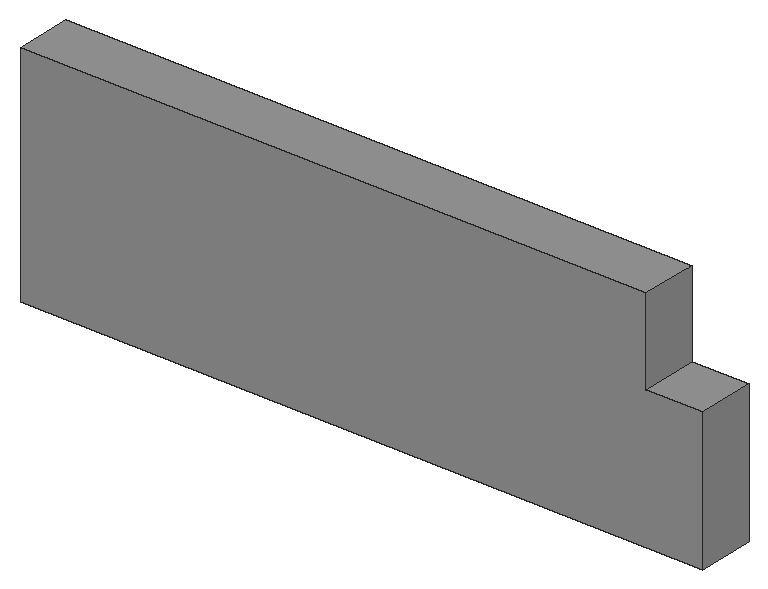
Revit family "1. Doré_PDroite_FRA", category Modelos genéricos, Revit 2017
Family settings
  Anfitrión = Muro
  Puede alojar armadura = No
  Cota de conector redondo = Diámetro de uso
  Tipo de pieza = Normal
  Siempre vertical = Sí
  Corte con vacíos al cargar = No
  Compartido = No
  Punto de cálculo de habitación = No
Parameters (values of type "Stonepanel® Doré 20 cm - 60 cm")
  Uniclass 2015 = "Pr_25_71_14_56 Natural stone panels"
  Uniclass 2 = "Pr_25_71_14_56 Natural stone panels"
  Omniclass = "23-15 15 15 11"
  NBS Reference = "45-25-45/380 Natural stone panels"
  Advantages de Stonepanel = "Efficacité:  L’installation des panneaux est simple et facile. Elle n’implique pas l’utilisation de machines spécifiques. La pose est dix fois plus rapide que la pose traditionnelle (20 m2 en moyenne par jour). La longévité de ce produit naturel est supérieure aux autres types de revêtement. Les déchets et les pertes dues aux coupes sont amplement diminués durant le chantier.\r\nSécurité: Le système de fixation breveté et homologué, en acier inoxydable, permet l’installation à plus de 2 mètres de hauteur (Avis Technique, CSTB). La base en ciment, homogène et rugueuse, garantit l’adhésion et permet d’être coupée sans décollement des pierres.\r\nQualité: Le contrôle de la production est effectué de façon continue par le département Innovation de CUPAGROUP. Chaque pierre naturelle est sélectionnée avec une attention particulière par les experts de CUPA STONE. Angles courts, longs, massifs, doubles, pour les fenêtres ou les dessus de mur… De nombreuses pièces spéciales sont proposées en option pour s’adapter parfaitement aux différentes configurations de chantier.\r\nEsthétisme: Le parement en forme de « S » rend les joints invisibles et assure un aspect homogène à la surface installée. Notre gamme de parements en pierre naturelle permet de choisir parmi un large choix de finitions et de coloris. Chaque pierre est unique, ainsi chaque panneau révèle l’élégance et la noblesse de la pierre naturelle."
  Utilisations indiquées = "Revêtements de murs intérieurs ou extérieurs, pour des ouvrages de 12 m de haut au plus.\r\nEn murs intérieurs, les supports admis sont les suivants (ils doivent avoir une épaisseur de 6 cm minimum) :\r\n- les murs en béton,\r\n- les panneaux préfabriqués en béton,\r\n- les enduits à base de ciment sur murs en béton et, murs et parois\r\nen maçonnerie.\r\nEn murs extérieurs, les supports admis sont ceux définis dans le NF DTU 52.2 P1-1-2 (P 61-204-1-1-2) « Cahier des clauses Techniques pour les murs extérieurs »."
  URL = "http://www.cupastone.fr/produit/stonepanel-orient/"
  Résistance au feu = "STONEPANEL ne sont pas de nature à affecter la tenue au feu des ouvrages."
  Durabilité = "La durabilité de l’ouvrage peut être appréciée comme équivalente à celle d’un carrelage collé en façade."
  Type de livraison = "Les panneaux sont emballés en plastique, en paires, ou dans des boîtes en carton, de trois ou quatre panneaux."
  Résistance = "Résistance élevée"
  Poids = "8,75 kg"
  Oxydation = "Non oxidé"
  Autres données intéressants = "STONEPANEL Doré  est utilisé pour la réalisation de revêtements de murs intérieurs ou extérieurs, pour des ouvrages de 12 m de haut au plus."
  Modelo = "Stonepanel® Doré"
  Matérial = "Quartzite dorée, aux tonalités marron et gris clair, apporte une atmosphère à la fois élégante et lumineuse, adaptée aussi bien aux projets rustiques que modernes."
  Nettoyage = "En général, les panneaux ne nécessitent pas d'entretien et sont autonettoyants, mais la suppression de certains types de marques peuvent nécessiter un traitement spécialisé.\r\nPour les salissures anormales, la surface peut être nettoyée à l'aide d'un mélange eau / détergent chaud, appliqué avec un tampon de nettoyage approprié ou une éponge."
  Long = 600 mm
  Imagen de tipo = <Ninguno>
  Format = "600 x 200"
  Form = "Forme de « S »"
  Fabricante = "Cupastone"
  Tests effectués par Avis Technique = "Résistance mécanique de l'ancrage\r\nRésistance mécanique de l'attache de sécurité\r\nEssais de durabilité après action de l'eau\r\nEssais de durabilité après action du gel\r\nEssai sismique"
  Décalage de hauteur = 0 mm
  Descripción = "Système de panneaux de pierre naturelle prémontés et assemblés\r\nsur une base en ciment renforcée, sur la face arrière, par une armature en fibre de verre. \r\nSon système de fixation unique évite tout risque de décollement. Est un ancrage spécifique pour les installations\r\nà plus de 2 mètres de hauteur."
  Densité apparente = "79,5 kg/m2"
  Couleur secondaire = "Gris"
  Couleur principale = "Crème"
  Certificats = "Avis Technique - France, BBA - Royaume-Uni, DIBt - Allemagne, SINTEF - Norvège"
  Apparence = "Contemporain"
  Largeur = 50 mm
  Haut = 200 mm
  Finiton = "Naturelle"
  Absorption = "Basse absorption"
  Système d'ancrage = "Bande perforée en acier inoxydable:\r\n- Nature de l’acier : AISI 316 (1.4401) ou AISI 304 (1.4301)\r\n- Epaisseur minimale (mm) : 0,7\r\n- Largeur (mm) : 12 à 15\r\n- Diamètre du trou (mm) : 6 ± 1\r\n\r\nChevilles:\r\nLe choix des chevilles de fixation doit être déterminé compte tenu de l’action en dépression du vent (murs extérieurs) et de la résistance des chevilles dans le support considéré en fonction de de la nature du support. Un exemple de cheville à utiliser est TAPCO TC 6/30 x 60.\r\nLa charge admissible des chevilles est égale à 1/K fois la résistance caractéristique indiquée dans l’Agrément Technique Européen de la cheville ou :\r\n   K = 1,75 par comparaison au vent normal\r\n   K = 3 par comparaison au vent extrême\r\nLes chevilles doivent être adaptées à la nature du support porteur."
  Détails de construction = "Détails de:\r\n- Mise en oeuvre avec un profilé en métal\r\n- Mise en oeuvre de Stonepanel\r\n- Mise en oeuvre de Stonepanel en murs intérieurs\r\n- Mise en oeuvre de l'élément de sécurité\r\n- Angles rentrants\r\n- Angles sortants avec continuité de Stonepanel - éléments d'angles\r\n- Angles sortants avec continuité de Stonepanel - angles préformés\r\n- Angles sortants avec continuité de Stonepanel - sciage d'un panneau\r\n- Angles sortants sans continuité de Stonepanel - cas d'un pignon isolé\r\n- Arêtes supérieures\r\n- Dessus d'acrotère\r\n- Encadrement de baie"
Reference planes
  plane 1 "Muro": y = 0
  plane 2 "Centro (Izquierda/Derecha)": x = 125
  plane 3 "Posterior": y = 75
Forms (mm)
  Extrusion 1, solid, material "Stonepanel® SKY Orient"
    sketch origin (0, 160, 1120) x (1, 0, 0) y (0, 0, 1)
      loop
        line (125, -1120) -> (125, -996) -> (75, -996) -> (75, -920) -> (-475, -920) -> (-475, -1120) -> (125, -1120)
    from 35 to 85
Text (mm)
  text "Cara de colocación" at (-1848.837, 1116.779, 0), in view "Nivel de referencia"
  text "Cara de colocación" at (0, 1409.804, 2854.306), in view "Izquierda"
  text "Cara de colocación" at (0, 499.811, 2980.732), in view "Derecha"
Dimensions and locks
  locked: plane 3 "Posterior" to host wall
  locked: Extrusion 1 to plane 3 "Posterior" at 0
  "Largeur": Extrusion 1 to Extrusion 1
  "Long": Extrusion 1 to Extrusion 1
  locked: Extrusion 1 to Extrusion 1 at 76
  "Décalage de hauteur": level to Extrusion 1
  locked: Extrusion 1 to Extrusion 1 at 50
  "Haut": Extrusion 1 to Extrusion 1
  aligned and locked: plane 1 "Muro" to host wall
Automatic sketch dimensions
  Extrusion 1 sketch curve to level = 0 mm
  Extrusion 1 sketch curve to plane 2 "Centro (Izquierda/Derecha)" = 0 mm
  Extrusion 1 sketch curve to plane 2 "Centro (Izquierda/Derecha)" = 50 mm
  level to Extrusion 1 sketch curve = 200 mm
  Extrusion 1 sketch curve to Extrusion 1 sketch curve = 550 mm
  level to Extrusion 1 sketch curve = 124 mm
